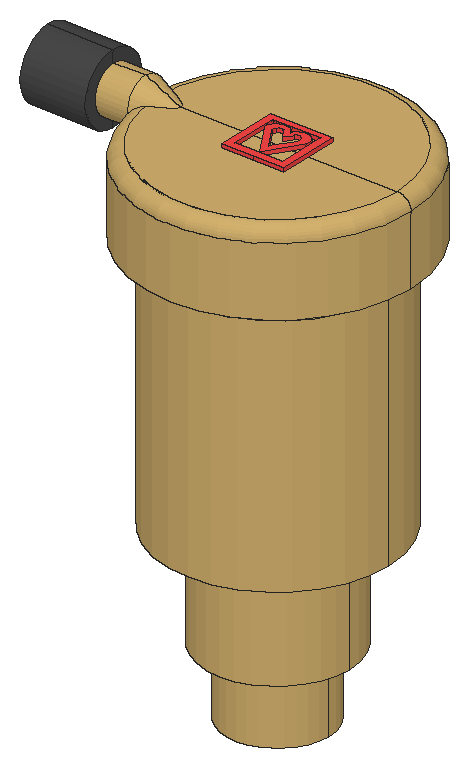
Revit family "Воздухоудалитель с функцией впуска и выпуска воздуха 2630 00 (01)", category Rohrzubehör, Revit 2020
Family settings
  Bemaßung runder Anschluss = Durchmesser verwenden
  Teiletyp = Normal
  OmniClass-Nummer = 23.65.55.14
  OmniClass-Titel = Valves for Liquid Services
  Arbeitsebenenbasiert = Nein
  Immer vertikal = Ja
  Beim Laden mit Abzugskörper schneiden = Nein
  Gemeinsam genutzt = Nein
Parameters
  Номер заказа [instance] = if(Nennweite AG = 10.000 mm, 1263000, if(Nennweite AG = 15.000 mm, 1263001, 0))  # 1263001
  Vorgabe-Ansicht = 0.000 mm
  URL = "www.herz-armaturen.ru"
  Поплавок = "полипропилен\r\n"  # constant formula
  SW = 10.500 mm  # constant formula
  SCRNSEQ = "AWI;AWI_TYP=\"1013\";1"
  SCRNCODE = "05;14;01"  # constant formula
  S05 = 25.300 mm  # constant formula
  S04 = SW * 2  # 21.000 mm
  S03 = 11.000 mm  # constant formula
  S02 = 24.500 mm  # constant formula
  S01 = 59.000 mm  # constant formula
  Обратный клапан = "латунь CW617N, EN 12165"  # constant formula
  R01 = 2.000 mm  # constant formula
  Nennweite AG [instance] = 15.000 mm
  Мин. рабочая температура = 0 °C  # constant formula
  Среда = "Качество  теплоносителя в соответствии с ÖNORM H5195 и/или предписаниями VDI-Standard 2035.\nРазрешается использование смеси этилен или пропиленгликоля в соотношении 25-50% с водой. Прокладки EPDM могут быть подвержены воздействию минеральных смазочных масел, что может служить причиной выхода из строя данных уплотнений. Пожалуйста, обратитесь к документации производителя, при использовании этиленгликоля и пропиленгликоля в целях защиты от замерзания."
  Макс. давление на корпусе = 1200000.0 Pa  # constant formula
  Макс. рабочая температура = 110 °C  # constant formula
  Макс. рабочее давление = 800000.0 Pa  # constant formula
  L04 = L00 - L01  # 24.000 mm
  L03 = 13.500 mm  # constant formula
  L02 = 4.800 mm  # constant formula
  L01 = 9.500 mm  # constant formula
  L00 = 33.500 mm  # constant formula
  Hersteller = "Herz-Armaturen GmbH"  # constant formula
  H08 = 13.200 mm  # constant formula
  H06 = 25.300 mm  # constant formula
  H07 = 9.800 mm  # constant formula
  H05 = H00 - 1.000 mm  # 58.000 mm
  H04 = H03 - D03  # 57.900 mm
  H03 = 63.000 mm  # constant formula
  H02 = 9.500 mm  # constant formula
  H01 = 12.000 mm  # constant formula
  H00 = 59.000 mm  # constant formula
  Корпус = "штампованная латунь в соответствии с EN 12165, CW617N"  # constant formula
  G1 [instance] = Nennweite AG / 2  # 7.500 mm
  G = 5.000 mm  # constant formula
  Уплотнение = "NBR"  # constant formula
  Крышка корпуса = "штампованная латунь в соответствии с EN 12165, CW617N"  # constant formula
  D07 = 11.500 mm  # constant formula
  D06 = 4.000 mm  # constant formula
  D05 = 0.800 mm  # constant formula
  D04 = 3.400 mm  # constant formula
  D03 = 5.100 mm  # constant formula
  D02 = 19.500 mm  # constant formula
  D01 = 16.200 mm  # constant formula
  Наружная резьба подключения = "в соответствии с ISO 228"  # constant formula
  Область применения = "Воздухоотводчик используется для удаления воздуха в системах отопления и холодоснабжения. Клапаны должны быть размещены рядом с котлом или же в самых высоких точках системы, чтобы обеспечить удаление воздуха из системы."
  Колпачок = "полипропилен, цвет черный"  # constant formula
Reference planes
  plane 1 "Mitte (Vorne/hinten)": y = 0
  plane 2: z = 0
  plane 3 "Mitte (Links/rechts)": x = 0
Forms (mm)
  Revolve 1, solid, material "Messing", detail levels fine
    sketch origin (0, 0, 0) x (1, 0, 0) y (0, 0, 1)
      loop
        line (0, 0) -> (0, 59) -> (-17.5, 59)
        arc (-17.5, 59) -> (-18.914, 58.414) -> (-19.5, 57) r 2
        line (-19.5, 57) -> (-19.5, 47) -> (-18.2, 47)
        arc (-18.2, 47) -> (-16.786, 46.414) -> (-16.2, 45) r 2
        line (-16.2, 45) -> (-16.2, 9.5) -> (-5, 9.5) -> (-5, 0) -> (0, 0)
      axis (0, 59) -> (0, 0)
    angle from 0 to 360
  Revolve 2, solid, material "Kunststoff - schwarz", detail levels fine
    sketch origin (0, 0, 0) x (1, 0, 0) y (0, 0, 1)
      loop
        line (-33.5, 57.9) -> (-24, 57.9) -> (-24, 63) -> (-33.5, 63) -> (-33.5, 57.9)
      axis (-33.5, 57.9) -> (-24, 57.9)
    angle from 0 to 360
  Revolve 3, solid, material "Messing", detail levels fine
    sketch origin (0, 0, 0) x (1, 0, 0) y (0, 0, 1)
      loop
        line (-24, 57.9) -> (0, 57.9) -> (0, 58.7) -> (-13.5, 58.7) -> (-19.2, 61.3) -> (-24, 61.3) -> (-24, 57.9)
      axis (-24, 57.9) -> (0, 57.9)
    angle from 0 to 360
  Revolve 4, solid, material "Messing", detail levels fine
    sketch origin (0, 0, 0) x (1, 0, 0) y (0, 0, 1)
      loop
        line (-5, 9.5) -> (-11.5, 9.5) -> (-11.5, 7.2) -> (-10.5, 7.2) -> (-10.5, -6) -> (-7.5, -6) -> (-7.5, -15.8) -> (0, -15.8) -> (0, 0) -> (-5, 0) -> (-5, 9.5)
      axis (0, 9.5) -> (0, -15.8)
    angle from 0 to 360
Lines and regions (mm)
  model lines, detail levels coarse+medium
    curve 1: line (0, 0, 59) -> (11.455, 0, 47.545)
    curve 2: circle (0, 0, 34.5) r 11 normal (0, -1, 0)
    curve 3: line (-11.455, 0, 21.455) -> (0, 0, 10)
    curve 4: line (0, 0, 10) -> (11.455, 0, 21.455)
    curve 5: line (0, 0, 59) -> (0, 0, 45.5)
    curve 6: line (0, 0, 23.5) -> (0, 0, 9.5)
    curve 7: line (0, 0, 59) -> (-11.455, 0, 47.545)
    curve 8: line (-11.5, 0, 9.5) -> (9.5, 0, 9.5)
    curve 9: line (9.5, 0, 9.5) -> (-10.5, 0, -15.8)
    curve 10: line (-10.5, 0, -15.8) -> (10.5, 0, -15.8)
    curve 11: circle (-10.5, 0, -15.8) r 5 normal (0, -1, 0)
    curve 12: line (0, 0, 59) -> (0, -11.455, 47.545)
    curve 13: line (0, 0, 59) -> (0, 11.455, 47.545)
    curve 14: circle (0, 0, 34.5) r 11 normal (1, 0, 0)
    curve 15: line (0, 0, 10) -> (0, -11.455, 21.455)
    curve 16: line (0, 0, 10) -> (0, 11.455, 21.455)
    curve 18: line (0, -11.5, 9.5) -> (0, 9.5, 9.5)
    curve 19: line (0, 9.5, 9.5) -> (0, -10.5, -15.8)
    curve 20: line (0, -10.5, -15.8) -> (0, 10.5, -15.8)
    curve 21: circle (0, -10.5, -15.8) r 5 normal (1, 0, 0)
    curve 22: line (-9.5, 0, 0) -> (11.5, 0, 0)
    curve 23: line (-9.5, 0, 0) -> (9.5, 25.3, 0)
    curve 24: line (9.5, 25.3, 0) -> (-11.5, 25.3, 0)
    curve 25: circle (-9.5, 0, 0) r 5 normal (0, 0, 1)
    curve 26: line (0, 84.3, 0) -> (-11.455, 72.845, 0)
    curve 27: line (0, 84.3, 0) -> (11.455, 72.845, 0)
    curve 28: circle (0, 59.8, 0) r 11 normal (0, 0, 1)
    curve 29: line (0, 35.3, 0) -> (-11.455, 46.755, 0)
    curve 30: line (0, 35.3, 0) -> (11.455, 46.755, 0)
    curve 31: line (0, 84.3, 0) -> (0, 70.8, 0)
    curve 32: line (0, 48.8, 0) -> (0, 25.3, 0)
  model lines
    curve 17: line (0, 10.954, 33.496) -> (0, 10.954, 0)
Dimensions and locks
  "G": Revolve 1 sketch curve to Revolve 1 sketch curve
  "H00": Revolve 1 sketch curve to Revolve 1 sketch curve
  "D01": Revolve 1 sketch curve to Revolve 1 sketch curve
  "D02": Revolve 1 sketch curve to Revolve 1 sketch curve
  "H02": Revolve 1 sketch curve to Revolve 1 sketch curve
  "H01": Revolve 1 sketch curve to Revolve 1 sketch curve
  "D03": Revolve 2 sketch curve to Revolve 2 sketch curve
  "L01": Revolve 2 sketch curve to Revolve 2 sketch curve
  "L00": Revolve 2 sketch curve to plane 3 "Mitte (Links/rechts)"
  "D04": Revolve 3 sketch curve to Revolve 3 sketch curve
  "L02": Revolve 3 sketch curve to Revolve 3 sketch curve
  "L03": Revolve 3 sketch curve to plane 3 "Mitte (Links/rechts)"
  "L04": Revolve 3 sketch curve to plane 3 "Mitte (Links/rechts)"
  "D05": Revolve 3 sketch curve to Revolve 3 sketch curve
  "H03": Revolve 2 sketch curve to plane 2
  "H04": Revolve 3 sketch curve to plane 2
  "H05": nested 1 to plane 2
  "H06": Revolve 4 sketch curve to Revolve 4 sketch curve
  "G1": Revolve 4 sketch curve to Revolve 4 sketch curve
  "H02": Revolve 4 sketch curve to Revolve 4 sketch curve
  "G": Revolve 4 sketch curve to Revolve 4 sketch curve
  "D07": Revolve 4 sketch curve to Revolve 4 sketch curve
  "SW": Revolve 4 sketch curve to Revolve 4 sketch curve
  "H08": Revolve 4 sketch curve to Revolve 4 sketch curve
  "S01": curve 5 to plane 2
  "S02": curve 5 to curve 2 to curve 4
  "D01": curve 7 to curve 7
  "D01": curve 1 to curve 1
  "D01": curve 3 to curve 3
  "D01": curve 4 to curve 4
  "S04": curve 8 to curve 9
  "S05": curve 8 to curve 10
  "S04": curve 10 to curve 9
  "S01": curve 13 to plane 2
  "S02": curve 13 to curve 14 to curve 16
  "D01": curve 12 to curve 12
  "D01": curve 13 to curve 13
  "D01": curve 15 to curve 15
  "D01": curve 16 to curve 16
  "S04": curve 18 to curve 19
  "S04": curve 20 to curve 20
  "S05": curve 20 to curve 18
  "S04": curve 24 to curve 24
  "S04": curve 22 to curve 23
  "S05": curve 24 to curve 22
  "S01": curve 31 to curve 32
  "S02": curve 31 to curve 28 to curve 30
  "D01": curve 26 to curve 26
  "D01": curve 27 to curve 27
  "D01": curve 29 to curve 29
  "D01": curve 30 to curve 30
  "H07": Revolve 4 sketch curve to Revolve 4 sketch curve
  equal spacing: curve 10, plane 3 "Mitte (Links/rechts)", curve 10
  equal spacing: curve 20, plane 1 "Mitte (Vorne/hinten)", curve 20
  "R01": radius of Revolve 1 sketch curve  (x2)
  "S03": radius of curve 2
  "S03": radius of curve 14
  "S03": radius of curve 28
  angle curve 5 to curve 1 = 45.00°
  angle curve 7 to curve 5 = 45.00°
  angle curve 6 to curve 3 = 45.00°
  angle curve 4 to curve 6 = 45.00°
  angle curve 12 to plane 1 "Mitte (Vorne/hinten)" = 45.00°
  angle plane 1 "Mitte (Vorne/hinten)" to curve 13 = 45.00°
  angle plane 1 "Mitte (Vorne/hinten)" to curve 15 = 45.00°
  angle curve 16 to plane 1 "Mitte (Vorne/hinten)" = 45.00°
  angle curve 26 to curve 31 = 45.00°
  angle curve 31 to curve 27 = 45.00°
  angle curve 32 to curve 29 = 45.00°
  angle curve 30 to curve 32 = 45.00°
  aligned and locked: level to plane 2
Automatic sketch dimensions
  curve 16 to plane 1 "Mitte (Vorne/hinten)" = 0.000 mm
  curve 13 to plane 1 "Mitte (Vorne/hinten)" = 0.000 mm
  curve 14 to plane 1 "Mitte (Vorne/hinten)" = 0.000 mm
  curve 17 to level = 0.000 mm
  curve 21 to curve 19 = 0.000 mm
  curve 18 to plane 1 "Mitte (Vorne/hinten)" = 9.500 mm
  curve 21 to level = 15.800 mm
  curve 19 to curve 21 = 0.000 mm
  curve 17 to plane 1 "Mitte (Vorne/hinten)" = 10.954 mm
  curve 3 to plane 3 "Mitte (Links/rechts)" = 0.000 mm
  curve 5 to plane 3 "Mitte (Links/rechts)" = 0.000 mm
  curve 6 to plane 3 "Mitte (Links/rechts)" = 0.000 mm
  curve 2 to plane 3 "Mitte (Links/rechts)" = 0.000 mm
  curve 11 to curve 9 = 0.000 mm  (x2)
  plane 3 "Mitte (Links/rechts)" to curve 9 = 9.500 mm
  level to curve 8 = 9.500 mm
  plane 1 "Mitte (Vorne/hinten)" to curve 25 = 0.000 mm
  plane 1 "Mitte (Vorne/hinten)" to curve 22 = 0.000 mm
  curve 31 to plane 3 "Mitte (Links/rechts)" = 0.000 mm
  curve 32 to plane 3 "Mitte (Links/rechts)" = 0.000 mm
  curve 28 to plane 3 "Mitte (Links/rechts)" = 0.000 mm
  curve 29 to plane 3 "Mitte (Links/rechts)" = 0.000 mm
  curve 25 to plane 3 "Mitte (Links/rechts)" = 9.500 mm
  curve 22 to curve 25 = 0.000 mm
  plane 3 "Mitte (Links/rechts)" to curve 24 = 9.500 mm
  Revolve 1 sketch curve to level = 0.000 mm
  Revolve 1 sketch curve to plane 3 "Mitte (Links/rechts)" = 0.000 mm  (x2)
  Revolve 1 sketch curve to level = 2000.000 mm
  Revolve 1 sketch curve to Revolve 1 sketch curve = 1937.000 mm
  Revolve 2 sketch curve to Revolve 2 sketch curve = 0.000 mm  (x3)
  Revolve 3 sketch curve to plane 3 "Mitte (Links/rechts)" = 0.000 mm
  Revolve 3 sketch curve to Revolve 3 sketch curve = 0.212 mm
  Revolve 3 sketch curve to plane 3 "Mitte (Links/rechts)" = 0.539 mm
  Revolve 3 sketch curve to Revolve 3 sketch curve = 0.000 mm
  Revolve 4 sketch curve to level = 0.000 mm
  Revolve 4 sketch curve to plane 3 "Mitte (Links/rechts)" = 0.000 mm  (x2)
  Revolve 4 sketch curve to Revolve 4 sketch curve = 346.545 mm
  Revolve 4 sketch curve to Revolve 4 sketch curve = 2204.815 mm
  radius of curve 21 = 5.000 mm
  radius of curve 11 = 5.000 mm
  radius of curve 25 = 5.000 mm
Nested families
  nested 1: "Herz-Logo" at (0, 0, 58), type "Herz-Logo", detail levels fine
Connectors
  piping at (0, 0, -15.8), diameter 15, driven by "Nennweite AG"
    settings: on Revolve 4, index 1, connector inside diameter 609.6 mm, connector length 0.000 mm, flow factor 0, pipe flow 0.0 L/s, pressure drop 0.0 Pa, fitting loss kfactor 0, connector angle 0.00°, fixture units 0, engagement length 0.000 mm, angle of deflection 0.00°, flow configuration 0, flow direction 0, fitting loss method 0, system type 7, joint type 0, gender type 0, connector reference index -1, connector utility 0, adjustable connector no, is connector primary yes, connector description ""
Definition of nested family "Herz-Logo"
  Parameters (values of type "Herz-Logo")
    Default Elevation = 0.000 mm
  Reference planes
    plane 1 "Mitte (Vorne/hinten)": y = 0
    plane 2: z = 0
    plane 3 "Mitte (Links/rechts)": x = 0
  Forms (mm)
    Extrusion 1, solid
      sketch origin (0, 0, 0) x (1, 0, 0) y (0, 1, 0)
        loop
          line (-0.018, -4.517) -> (4.482, -4.517) -> (4.482, 4.483) -> (-4.518, 4.483) -> (-4.518, -4.517) -> (-0.018, -4.517)
        loop
          line (-0.05, -3.48) -> (3.482, -3.48) -> (3.482, 3.483) -> (-3.518, 3.483) -> (-3.518, -3.48) -> (-0.05, -3.48)
        loop
          arc (-0.018, 2.383) -> (-1.543, 3.287) -> (-3.067, 2.383) r 1.738
          arc (-3.067, 2.383) -> (-3.191, 1.899) -> (-3.067, 1.415) r 1.009
          line (-3.067, 1.415) -> (-0.018, -3.281) -> (3.032, 1.415)
          arc (3.032, 1.415) -> (3.156, 1.899) -> (3.032, 2.383) r 1.009
          arc (3.032, 2.383) -> (1.507, 3.287) -> (-0.018, 2.383) r 1.738
        loop
          arc (1.885, 1.272) -> (2.005, 1.675) -> (1.885, 2.079) r 0.74
          arc (1.885, 2.079) -> (1.265, 2.416) -> (0.644, 2.079) r 0.74
          line (0.644, 2.079) -> (-0.018, 0.97) -> (-0.679, 2.079)
          arc (-0.679, 2.079) -> (-1.3, 2.416) -> (-1.921, 2.079) r 0.74
          arc (-1.921, 2.079) -> (-2.04, 1.675) -> (-1.921, 1.272) r 0.74
          line (-1.921, 1.272) -> (-0.018, -1.658) -> (1.885, 1.272)
      from 0 to 1.5
  Dimensions and locks
    aligned and locked: level to plane 2
